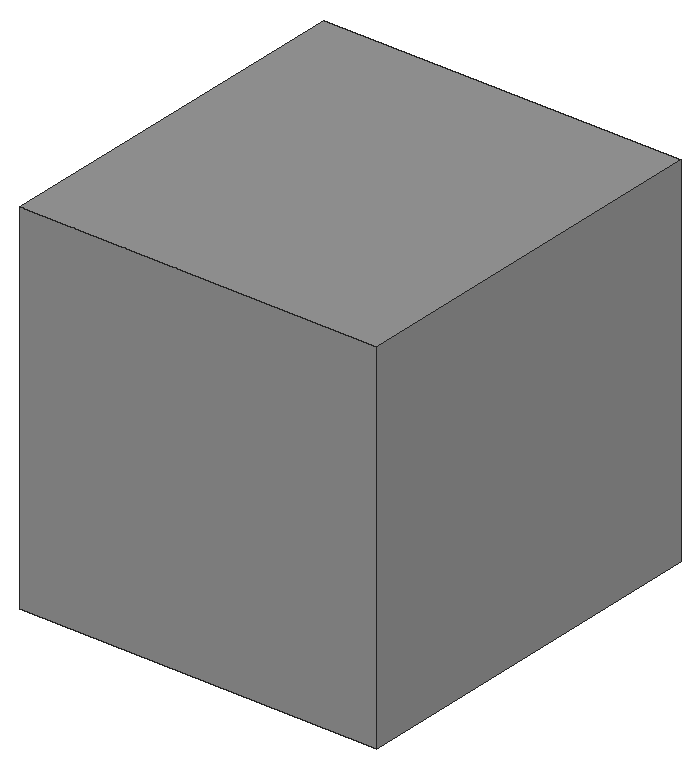
Revit family "AVLN_Оборудование", category Мебель, Revit 2019
Family settings
  Номер OmniClass = 23.40.20.00
  Заголовок OmniClass = General Furniture and Specialties
  На основе рабочей плоскости = Нет
  Всегда вертикально = Да
  При загрузке вырезать с полостями = Нет
  Общий = Нет
  Точка расчета площади = Нет
Parameters (values of type "Автоматический пневмотанометр")
  Description = ""
  М.основы = Акриловый
  Type Comments = ""
  Keynote = ""
  Manufacturer = ""
  Запечатывающее устройство = no
  Группа модели = "Оборудование поликлиники"
  ADSK_Размер_Ширина = 580 mm
  ADSK_Размер_Длина = 545 mm
  ADSK_Размер_Высота = 550 mm
  ADSK_Примечание [instance] = ""
  ADSK_Обозначение = ""
  ADSK_Наименование = "Автоматический пневмотанометр 514х262х435"
  ADSK_Масса = 0
  ADSK_Марка = ""
  ADSK_Код изделия = ""
  ADSK_Единица измерения = "шт"  # constant formula
Types (13, lengths in mm): name | Description | Запечатывающее устройство | ADSK_Размер_Ширина | ADSK_Размер_Длина | ADSK_Размер_Высота | ADSK_Обозначение | ADSK_Наименование | ADSK_Масса
  (no name) | "" | no | 580 | 545 | 550 | "" | "Автоматический пневмотанометр 514х262х435" | 0
  Запечатывающее устройство | "Запечатывающее устройство Woson Seal 100" | yes | 330 | 540 | 240 | "" | "Запечатывающее устройство Woson Seal 100" | 0
  Автоклав | "Автоклав автоматический с вакуумной сушкой для инструкментов в т.ч. наконечников. 4 лотка, фракцоинный вакууматор, объем камеры 18 л. Температура стерилизации 105-135С. 560х470х400, 220В, 1,5к TANZO C18 NEW" | no | 470 | 560 | 400 | "" | "Автоклав автоматический с вакуумной сушкой для инструкментов в т.ч. наконечников. 4 лотка, фракцоинный вакууматор, объем камеры 18 л. Температура стерилизации 105-135С. 560х470х400, 220В, 1,5к TANZO C18 NEW" | 0
  Автокераторефрактомер | "Автокераторефрактомер КР-800, 317-341x521-538х447-477" | no | 521 | 317 | 447 | "" | "Автокераторефрактомер КР-800, 317-341x521-538х447-477" | 15
  Набор пробных линз | "" | no | 585 | 345 | 85 | "" | "Набор пробных линз с пробными оправами 585х345х85" | 5
  Проектор для знаков | "" | no | 219 | 387 | 273 | "" | "Проектор для знаков 387х219х273" | 5
  Негатоскоп на 1 снимок | "" | no | 60 | 700 | 440 | "" | "Негатоскоп на 1 снимок, 700х60х440, Э: U=220В, 50Гц, P=128Вт" | 5
  Аудиометр | "" | no | 80 | 150 | 28 | "" | "Портативный, скринингвоый аудиометр SA50 150x80x28" | 5
  ЛОР-комбайн | "" | no | 572 | 640 | 800 | "" | "ЛОР-комбайн, Э:U=220В, 50Гц, Р=1,5кВт. 640х572х800" | 70
  Весы электронные для новорожденных | "" | no | 540 | 330 | 105 | "" | "Весы электронные для новорожденных 540х330х105" | 70
  Принтер сканер копир | "" | no | 540 | 330 | 105 | "" | "Принтер/сканет/копир, А4, печать лазерная черно-белая, двусторонняя. 24стр/мин, ч/б, 1200х600 dpi, подача: 600лист, память 128мб, USB, КЖ-панель, устройство автоподачи, 370х230х208. Э:U=220В, 50Гц, Р=214Вт" | 0
  Сухожаровый шкаф для стерилизации | "" | no | 580 | 545 | 550 | "ГП-20-ОХ ПЗ" | "Сухожаровый шкаф для стерилизации медицинских инструментов, 1кВт, 200В, 580х545х555 на подставке" | 0
  Автоматический пневмотанометр | "" | no | 580 | 545 | 550 | "" | "Автоматический пневмотанометр 514х262х435" | 0
Reference planes
  plane 1 "По центру (Вперед/Назад)": y = 0
  plane 2: z = 0
  plane 3 "По центру (Влево/Вправо)": x = 0
  plane 4: z = 550
  plane 5: y = 290
  plane 6: x = 272.5
  plane 7: x = -272.5
  plane 8: y = -290
  plane 9: y = 0
Forms (mm)
  Extrusion 1, solid, material "Акриловый" <- "М.основы"
    sketch origin (0, 0, 0) x (1, 0, 0) y (0, 1, 0)
      loop
        line (-272.5, 290) -> (-272.5, -290) -> (272.5, -290) -> (272.5, 290) -> (-272.5, 290)
    from 0 to 550
Lines and regions (mm)
  symbolic lines, visible <- "Запечатывающее устройство"
    curve 1: line (-272.5, 0, 592.976) -> (272.5, 0, 592.976)
    curve 2: line (-90, 0, 592.976) -> (-90, 55, 592.976)
    curve 3: line (-90, 55, 592.976) -> (90, 55, 592.976)
    curve 4: line (90, 55, 592.976) -> (90, 0, 592.976)
Dimensions and locks
  plane 2 to plane 4 = 550 mm
  equal spacing: plane 8, plane 1 "По центру (Вперед/Назад)", plane 5
  equal spacing: plane 7, plane 3 "По центру (Влево/Вправо)", plane 6
  "ADSK_Размер_Длина": plane 7 to plane 6
  "ADSK_Размер_Ширина": plane 5 to plane 8
  "ADSK_Размер_Высота": plane 2 to plane 4
  plane 9 to plane 8 = 290 mm
  equal spacing: plane 5, plane 9, plane 8
  equal spacing: curve 2, plane 3 "По центру (Влево/Вправо)", curve 4
  locked: plane 1 "По центру (Вперед/Назад)" to curve 3 at 55
  aligned and locked: level to plane 2
  aligned and locked: Extrusion 1 sketch curve to plane 5
  aligned and locked: Extrusion 1 sketch curve to plane 7
  aligned and locked: plane 8 to Extrusion 1 sketch curve
  aligned and locked: Extrusion 1 sketch curve to plane 6
  aligned and locked: Extrusion 1 to level
  aligned and locked: Extrusion 1 to plane 4
  aligned and locked: plane 1 "По центру (Вперед/Назад)" to curve 1
  aligned and locked: plane 6 to curve 1
  aligned and locked: plane 7 to curve 1
Automatic sketch dimensions
  plane 3 "По центру (Влево/Вправо)" to curve 4 = 90 mm
